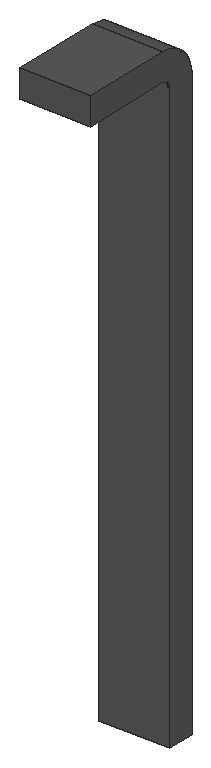
Revit family "0047952 Sylvania Lighting Fixture START eco Bollard L-Shape L IP54 570lm 830 BLK", category Lighting Fixtures, host Face, Revit 2016
Family settings
  Host = Face
  Part Type = Normal
  Round Connector Dimension = Use Diameter
  OmniClass Number = 23.80.70.11.17
  OmniClass Title = Specialized Lighting by Location or Use
  Cut with Voids When Loaded = No
  Light Source = Yes
  Shared = No
  Room Calculation Point = No
Parameters (values of type "START eco Bollard L-Shape L IP54 570lm 830 BLK")
  Width = 35.0 mm
  Length = Width + 55.0 mm  # 90.0 mm
  Weight = 2.07 kg
  Wattage = 8 W
  built-in parameter 1150110 = 1 (stored number, unit not read)
  Voltage Comments = "UNV (Universal Voltage; 230-240 Volt)"  # constant formula
  Voltage = 240 V  # constant formula
  URL = "http://www.sylvania-lighting.com/"
  built-in parameter 1114217 = 1 (stored number, unit not read)
  Tilt Angle = 90.00°
  built-in parameter 1150109 = 1 (stored number, unit not read)
  built-in parameter 1150134 = (empty or 0)
  Ta Rating = "-20°C to +45°C"  # constant formula
  built-in parameter 1150113 = 1 (stored number, unit not read)
  Product Page URL = "http://www.sylvania-lighting.com/product/en-gb/products/0047952"
  Product Family = ""
  Photometry Comments = ""
  Photometric Web File = "0047952.ies"
  built-in parameter 1150105 = 45.359 (stored number, unit not read)
  Lumens = 570 lm
  built-in parameter 1150115 = 1 (stored number, unit not read)
  built-in parameter 1150137 = (empty or 0)
  built-in parameter 1150139 = (empty or 0)
  Life = "25 000h"  # constant formula
  built-in parameter 1150112 = 1 (stored number, unit not read)
  built-in parameter 1150114 = 1 (stored number, unit not read)
  Lamp Comments = "Integrated LED"  # constant formula
  built-in parameter 1150132 = 2
  built-in parameter 1150102 = (empty or 0)
  built-in parameter 1150107 = 3000 (stored number, unit not read)
  built-in parameter 1150138 = (empty or 0)
  built-in parameter 1150106 = 0.45359 (stored number, unit not read)
  IP Rating = "IP54"  # constant formula
  IK Rating = "IK05"  # constant formula
  Energy Class = "A++ A+ A"  # constant formula
  Electrical Protection = "CLASS I"  # constant formula
  built-in parameter 1150104 = 6.6193 (stored number, unit not read)
  Drive Current = "300mA"
  Dimming Lamp Color Temperature Shift = <None>
  Color Filter = 16777215
  Catalog Number = "0047952 START eco Bollard L-Shape L IP54 570lm 830 BLK"
  Body Material = Aluminum_Sylvania_Velite_Black
  built-in parameter 1114218 = 1 (stored number, unit not read)
  built-in parameter 1150133 = 10 (stored number, unit not read)
  Height = 800.0 mm
  built-in parameter 1114216 [instance] = 1 (stored number, unit not read)
  Model = "START eco Bollard L-Shape L IP54 570lm 830 BLK"
  Manufacturer = "Feilo Sylvania"  # constant formula
  Lamp = "LED"
  Diffuser Material = Polycarbonate_Sylvania_Velite_Clear
  Description = "A range of sleek and stylish Outdoor LED luminaires.Velite is perfect for lighting courtyards, gardens and exterior entrances.Design  meets IK05 requirements.Available in various shapes, sizes and colours of die cast aluminium luminaires.Range includes bollards and various wall mounted direct and direct/indirect luminaires.High efficient thermal design: ta -20 to +45oC.High performance: delivers up to 830 lm (luminaire lumen output), and up to 71lm/W (total system efficiency).Available in warm white (3,000K).Energy class: A++, A+, A.Lifetime: 30,000 hours life at 70% of the original output L70."  # constant formula
  Default Elevation = 0.0 mm
  built-in parameter 1140040 [instance] = 1
  Assembly Code = "D5020200"
  Apparent Load Comments = ""
  Apparent Load = 8 VA
Reference planes
  plane 1 "Center (Front/Back)": y = 0
  plane 2 "Fixture Top": z = 0
  plane 3 "Center (Left/Right)": x = 0
  plane 4: x = 45
  plane 5: y = 17.5
  plane 6: x = -45
  plane 7: y = -17.5
  plane 8: x = -43
  plane 9: x = 43
  plane 10: y = 15.5
  plane 11: y = -15.5
  plane 12: z = 800
  plane 13: z = 765
  plane 14: y = -142.5
  plane 15: y = -140.5
  plane 16: z = 767
  plane 17: z = 798
  plane 18: z = 2
  plane 19: y = -79
Forms (mm)
  Extrusion 1, solid, material "Aluminum_Sylvania_Velite_Black" <- "Body Material", detail levels fine
    sketch origin (0, 0, 0) x (1, 0, 0) y (0, 1, 0)
      loop
        line (-43, -17.5) -> (43, -17.5) -> (43, -15.5) -> (-43, -15.5) -> (-43, -17.5)
    from 0 to 767
  Sweep 2, solid, material "Aluminum_Sylvania_Velite_Black" <- "Body Material", detail levels fine
    path origin (0, 0, 0) x (0, 1, 0) y (0, 0, 1)
      loop
        line (-17.5, 0) -> (-17.5, 755)
        arc (-17.5, 755) -> (-20.429, 762.071) -> (-27.5, 765) r 10
        line (-27.5, 765) -> (-140.5, 765)
    profile origin (0, -17.5, 377.5) x (0, -1, 0) y (1, 0, 0)
      loop
        line (-35, -45) -> (0, -45) -> (0, -43) -> (-33, -43) -> (-33, 43) -> (0, 43) -> (0, 45) -> (-35, 45) -> (-35, -45)
  Extrusion 3, solid, material "Aluminum_Sylvania_Velite_Black" <- "Body Material", detail levels fine
    sketch origin (0, 0, 0) x (1, 0, 0) y (0, 0, 1)
      loop
        line (-45, 800) -> (-45, 765) -> (45, 765) -> (45, 800) -> (-45, 800)
    from 140.5 to 142.5
  Extrusion 4, solid, material "Aluminum_Sylvania_Velite_Black" <- "Body Material", detail levels fine
    sketch origin (0, 0, 0) x (1, 0, 0) y (0, 1, 0)
      loop
        line (43, 15.5) -> (-43, 15.5) -> (-43, -15.5) -> (43, -15.5) -> (43, 15.5)
    from 0 to 2
  Extrusion 5, solid, material "Polycarbonate_Sylvania_Velite_Clear" <- "Diffuser Material", detail levels fine
    sketch origin (0, 0, 0) x (1, 0, 0) y (0, 1, 0)
      loop
        line (43, -17.5) -> (-43, -17.5) -> (-43, -140.5) -> (43, -140.5) -> (43, -17.5)
    from 765 to 767
  Extrusion 6, solid, material "Aluminum_Sylvania_Velite_Black" <- "Body Material", detail levels coarse+medium
    sketch origin (0, 0, 0) x (0, 1, 0) y (0, 0, 1)
      loop
        line (17.5, 0) -> (17.5, 800) -> (-142.5, 800) -> (-142.5, 765) -> (-17.5, 765) -> (-17.5, 0) -> (17.5, 0)
    from -45 to 45
Cuts and joins
  joined: Extrusion 1, Sweep 2, Extrusion 3, Extrusion 4
Dimensions and locks
  equal spacing: plane 6, plane 3 "Center (Left/Right)", plane 4
  "Length": plane 6 to plane 4
  equal spacing: plane 7, plane 1 "Center (Front/Back)", plane 5
  "Width": plane 5 to plane 7
  locked: plane 6 to plane 8 at 2
  locked: plane 9 to plane 4 at 2
  locked: plane 5 to plane 10 at 2
  locked: plane 7 to plane 11 at 2
  plane 5 to plane 14 = 160.0 mm
  plane 14 to plane 15 = 2.0 mm
  locked: plane 18 to plane 2 "Fixture Top" at 2
  "Height": plane 12 to plane 2 "Fixture Top"
  equal spacing: plane 7, plane 19, plane 15
  "Width": plane 12 to plane 13
  locked: plane 12 to plane 17 at 2
  plane 16 to imposter light = 2.0 mm
  locked: plane 16 to plane 13 at 2
  aligned and locked: host face to plane 2 "Fixture Top"
  aligned and locked: level to host face
  aligned and locked: Extrusion 1 sketch curve to plane 7
  aligned and locked: plane 11 to Extrusion 1 sketch curve
  aligned and locked: Extrusion 1 to plane 2 "Fixture Top"
  aligned and locked: plane 7 to Sweep 2 sketch curve
  aligned and locked: Sweep 2 sketch curve to plane 13
  aligned and locked: Sweep 2 sketch curve to plane 6
  aligned and locked: Sweep 2 sketch curve to plane 8
  aligned and locked: Sweep 2 sketch curve to plane 4
  aligned and locked: plane 9 to Sweep 2 sketch curve
  aligned and locked: Sweep 2 sketch curve to plane 5
  aligned and locked: Sweep 2 sketch curve to plane 7
  aligned and locked: plane 9 to Extrusion 1 sketch curve
  aligned and locked: Sweep 2 sketch curve to plane 10
  aligned and locked: Extrusion 3 sketch curve to plane 12
  aligned and locked: plane 6 to Extrusion 3 sketch curve
  aligned and locked: Extrusion 3 sketch curve to Sweep 2  (x2)
  aligned and locked: plane 15 to Sweep 2 sketch curve
  aligned and locked: Extrusion 3 to plane 15
  aligned and locked: plane 14 to Extrusion 3
  aligned and locked: plane 2 "Fixture Top" to Sweep 2 sketch curve
  aligned and locked: plane 10 to Extrusion 4 sketch curve
  aligned and locked: Extrusion 4 sketch curve to plane 9
  aligned and locked: plane 11 to Extrusion 4 sketch curve
  aligned and locked: Extrusion 4 sketch curve to plane 8
  aligned and locked: Extrusion 4 to plane 2 "Fixture Top"
  aligned and locked: plane 18 to Extrusion 4
  aligned and locked: Extrusion 5 sketch curve to plane 8
  aligned and locked: plane 15 to Extrusion 5 sketch curve
  aligned and locked: Extrusion 5 sketch curve to plane 9
  aligned and locked: Extrusion 5 to plane 13
  aligned and locked: plane 7 to Extrusion 5
  aligned and locked: imposter light to plane 3 "Center (Left/Right)"
  aligned and locked: imposter light to plane 19
  aligned and locked: plane 13 to imposter light
  aligned and locked: plane 16 to Extrusion 5
  aligned and locked: plane 16 to Extrusion 1
  aligned and locked: plane 2 "Fixture Top" to Extrusion 6 sketch curve
  aligned and locked: plane 5 to Extrusion 6 sketch curve
  aligned and locked: plane 7 to Extrusion 6 sketch curve
  aligned and locked: plane 13 to Extrusion 6 sketch curve
  aligned and locked: plane 12 to Extrusion 6 sketch curve
  aligned and locked: Extrusion 6 sketch curve to plane 14
  aligned and locked: Extrusion 6 to plane 6
  aligned and locked: plane 4 to Extrusion 6
Automatic sketch dimensions
  host sketch curve to host sketch curve = 447.379 mm
  host sketch curve to host sketch curve = 434.165 mm
  Sweep 2 sketch curve to profile plane = 0.0 mm
  Extrusion 1 sketch curve to plane 8 = 0.0 mm
  Sweep 2 sketch curve to plane 7 = 10.0 mm
  Extrusion 5 sketch curve to plane 10 = 33.0 mm
Connectors
  electrical at (0, 0, 0), driven by "Voltage", driven by "Apparent Load"
    settings: on cut or joined group of Extrusion 1, Sweep 2, Extrusion 3, Extrusion 4, index 1, voltage 240 V, apparent load 0 VA, apparent load phase1 8 VA, apparent load phase2 0 VA, apparent load phase3 0 VA, power factor 1, load classification "Lighting", number of poles 1, system type 31, power factor state 1, is connector primary yes, connector utility no, sub classification motor no, connector description ""
